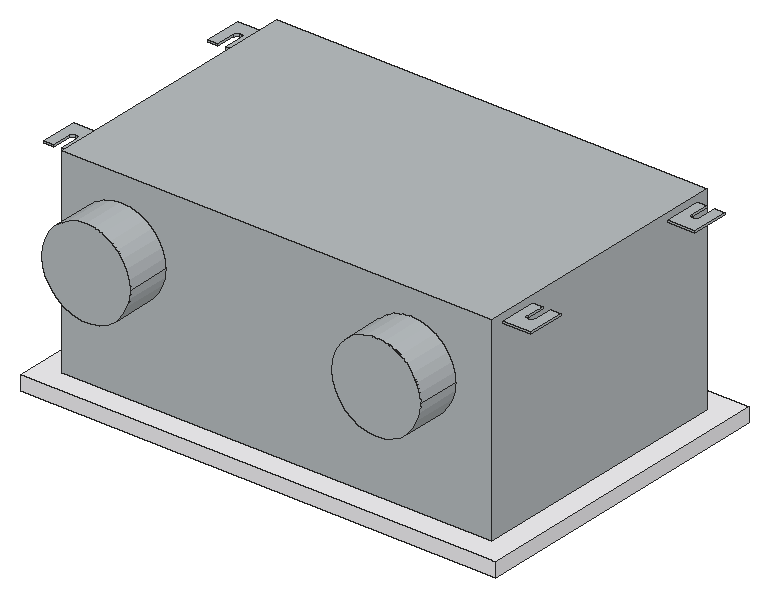
Revit family "sku-25_65ac_50Hz", category 機械設備, Revit 2019
Family settings
  丸型コネクタ寸法 = 直径を使用
  パーツ タイプ = 標準
  OmniClass 番号 = 23.75.10.34.21
  OmniClass タイトル = Heat Exchangers for Ventilation Air
  作業面ベース = いいえ
  常に垂直 = はい
  ロード時にボイドで切り取り = いいえ
  共有 = いいえ
  部屋計算ポイント = はい
Parameters (values of type "SKU-25AC")
  騒音レベル(dB(A)) = 33
  風量 = 250.0 m³/h
  面風速 = 3.93 m/s
  電源種別 [instance] = "一般"
  電圧 = 100 V
  電動機出力 = 0 W
  集中コントローラ = ""
  運転質量 = 0.00 kg
  連動 [instance] = ""
  質量 = if(製品質量 > 運転質量, 製品質量, 運転質量) * 1.2  # 16.80 kg
  負荷分類 = 3_ファン類
  説明 = "店舗用ロスナイ 全カセット形"
  設計風量 = 0.0 m³/h
  設置方法 = "カセット形"
  記号 [instance] = ""
  製造元 = "三菱電機株式会社"
  製品質量 = 14.00 kg
  製品出荷対象 = "国内"
  製品リリース年月 = "2003/5/1"
  製品グループ = ""
  系統 [instance] = ""
  符号 = "HEU"
  積算_科目 = "1 空気調和設備"
  積算_拾い区分 [instance] = ""
  相 = 1
  盤記号 [instance] = ""
  発停方法 [instance] = "別売スイッチ"
  特殊仕様 [instance] = ""
  火災停止 [instance] = ""
  温度交換効率 = 58.00%
  消費電力 = 83 W
  法定耐用年数 = "15"
  機外静圧_排気 = 0.0 Pa
  機外静圧 = 0.0 Pa
  構成部品 = "パネル"
  極数 = 2
  材質 [instance] = ""
  本体マテリアル = 溶融亜鉛めっき鋼板
  操作・制御方式 = ""
  操作・制御スイッチ = ""
  排気量 = 0.0 m³/h
  形式 = "カセット形"
  幹線記号 [instance] = ""
  対象室 [instance] = ""
  実風量 = 0.0 m³/h
  始動方式 [instance] = "直入"
  天吊金具_径 = 6.5 mm
  天吊金具_幅 = 30 mm
  外気量 = 0.0 m³/h
  呼称 = "全熱交換ユニット"
  周波数 = 50 Hz
  天吊金具ピッチ2 = 330 mm
  天吊金具ピッチ1 = 736 mm
  天吊金具_高さ = 10 mm
  参照している仕様書等のバージョン = ""
  初期抵抗 = 0.0 Pa
  分類コード = "50052504100080"
  分類グループ = ""
  価格 = 136000
  企業コード = "108420"
  付属品_フィルター_還気 = ""
  付属品_フィルター = ""
  付属品 [instance] = ""
  仕様書バージョン = "Version1.0"
  モデル = "SKU-25AC"
  パネルマテリアル = 樹脂成形
  コメント [instance] = ""
  Keynote = ""
  エンタルピ交換効率_暖房 = 44.00%
  エンタルピ交換効率_冷房 = 38.00%
  Assembly Code = ""
  Width = 690 mm
  Version = ""
  Uniclass2015Version = "Systems v1.9"
  Uniclass2015Title = "Thermal wheels"
  Uniclass2015Code = "Pr_60_60_36_88"
  URL = "https://www.mitsubishielectric.co.jp/ldg/wink/ssl/displayProduct.do?pid=42639"
  SpecificationReference = ""
  SpecificationDescription = ""
  Duct_W = 130 mm
  SAサイズ_D = 0 mm
  Revision = ""
  RAサイズ_D = 0 mm
  ProductInformation = ""
  OmniClassCode = "23-27 23 19 11"
  OAサイズ_W = 0 mm
  OAサイズ_D = 142 mm
  MIN風量 = 160.0 m³/h
  MIN静圧 = 0.0 Pa
  MAX風量 = 250.0 m³/h
  MAX静圧 = 0.0 Pa
  IfcTypeProduct = ""
  IfcProduct = ""
  IfcExportType = "ROTARYWHEEL"
  IfcExportAs = "IfcAirToAirHeatRecoveryType"
  Height = 318 mm
  EAサイズ_W = 0 mm
  EAサイズ_D = 142 mm
  Duct_Pitch = 465 mm
  Duct_Height = 111 mm
  Duct_Depth = 70 mm
  Depth = 430 mm
  Panel_Width = 763 mm
  Panel_Height = 23 mm
  Panel_Depth = 506 mm
  Author = "三菱電機株式会社"
Types (4, lengths in mm): name | 騒音レベル(dB(A)) | 風量 | 面風速 | 質量 | 製品質量 | 温度交換効率 | 消費電力 | 天吊金具ピッチ2 | 天吊金具ピッチ1 | 価格 | モデル | エンタルピ交換効率_暖房 | エンタルピ交換効率_冷房 | Width | URL | Duct_W | OAサイズ_D | MIN風量 | MAX風量 | Height | EAサイズ_D | Duct_Pitch | Duct_Height | Duct_Depth | Depth | Panel_Width | Panel_Depth
  SKU-25AC | 33 | 250.0 m³/h | 3.93 m/s | 16.80 kg | 14.00 kg | 58.00% | 83 W | 330 | 736 | 136000 | "SKU-25AC" | 44.00% | 38.00% | 690 | "https://www.mitsubishielectric.co.jp/ldg/wink/ssl/displayProduct.do?pid=42639" | 130 | 142 | 160.0 m³/h | 250.0 m³/h | 318 | 142 | 465 | 111 | 70 | 430 | 763 | 506
  SKU-35AC | 38 | 350.0 m³/h | 5.5 m/s | 17.40 kg | 14.50 kg | 51.00% | 110 W | 330 | 736 | 156000 | "SKU-35AC" | 37.00% | 31.00% | 690 | "https://www.mitsubishielectric.co.jp/ldg/wink/ssl/displayProduct.do?pid=42640" | 130 | 142 | 210.0 m³/h | 350.0 m³/h | 318 | 142 | 465 | 111 | 70 | 430 | 763 | 506
  SKU-50AC | 39 | 500.0 m³/h | 4.42 m/s | 29.40 kg | 24.50 kg | 56.00% | 163 W | 420 | 926 | 201000 | "SKU-50AC" | 43.00% | 36.00% | 880 | "https://www.mitsubishielectric.co.jp/ldg/wink/ssl/displayProduct.do?pid=42641" | 139 | 192 | 320.0 m³/h | 500.0 m³/h | 390 | 192 | 600 | 142 | 85 | 520 | 955 | 596
  SKU-65AC | 42 | 650.0 m³/h | 5.75 m/s | 29.40 kg | 24.50 kg | 53.00% | 209 W | 420 | 926 | 228000 | "SKU-65AC" | 39.00% | 33.00% | 880 | "https://www.mitsubishielectric.co.jp/ldg/wink/ssl/displayProduct.do?pid=42642" | 139 | 192 | 410.0 m³/h | 650.0 m³/h | 390 | 192 | 600 | 142 | 85 | 520 | 955 | 596
Reference planes
  plane 1 "中心(正面/背面)": y = 0
  plane 2: z = 0
  plane 3 "中心(左/右)": x = 0
  plane 4: x = -345
  plane 5: x = 345
  plane 6: y = 215
  plane 7: y = -215
  plane 8: z = 207
  plane 9: x = -250
  plane 10: x = 215
  plane 11: y = -285
  plane 12: x = -368
  plane 13: x = 368
  plane 14: y = 165
  plane 15: y = -165
  plane 16: y = 195
  plane 17: y = 135
  plane 18: y = -135
  plane 19: y = -195
  plane 20: z = 308
  plane 21: z = 305
  plane 22: x = -381.5
  plane 23: y = 253
  plane 24: y = -253
  plane 25: x = 381.5
  plane 26: z = -23
  plane 27: x = -390.5
  plane 28: x = 390.5
  plane 29: z = 318
Forms (mm)
  Extrusion 1, solid, material "溶融亜鉛めっき鋼板" <- "本体マテリアル", detail levels fine
    sketch origin (0, 0, 0) x (1, 0, 0) y (0, 1, 0)
      loop
        line (-345, 215) -> (-345, -215) -> (345, -215) -> (345, 215) -> (-345, 215)
    from 318 to 0
  Extrusion 2, solid, material "溶融亜鉛めっき鋼板" <- "本体マテリアル", detail levels fine
    sketch origin (510, -445, 0) x (-1, 0, 0) y (0, 0, -1)
      loop
        circle (295, -207) r 71
    from -230 to -160
  Extrusion 3, solid, material "溶融亜鉛めっき鋼板" <- "本体マテリアル", detail levels fine
    sketch origin (-510, -445, 0) x (1, 0, 0) y (0, 0, 1)
      loop
        circle (260, 207) r 71
    from -230 to -160
  Extrusion 4, solid, material "樹脂成形" <- "パネルマテリアル"
    sketch origin (0, 0, 0) x (1, 0, 0) y (0, 1, 0)
      loop
        line (-381.5, 253) -> (-381.5, -253) -> (381.5, -253) -> (381.5, 253) -> (-381.5, 253)
    from -23 to 0
  Extrusion 5, solid, material "溶融亜鉛めっき鋼板"
    sketch origin (0, 0, 0) x (1, 0, 0) y (0, 1, 0)
      loop
        line (-345, 195) -> (-390.5, 195) -> (-390.5, 135) -> (-374.5, 135) -> (-374.5, 165)
        arc (-374.5, 165) -> (-368, 171.5) -> (-361.5, 165) r 6.5
        line (-361.5, 165) -> (-361.5, 135) -> (-345, 135) -> (-345, 195)
    from 305 to 308
  Extrusion 6, solid, material "溶融亜鉛めっき鋼板"
    sketch origin (0, 0, 0) x (1, 0, 0) y (0, 1, 0)
      loop
        line (-345, -135) -> (-390.5, -135) -> (-390.5, -195) -> (-374.5, -195) -> (-374.5, -165)
        arc (-374.5, -165) -> (-368, -158.5) -> (-361.5, -165) r 6.5
        line (-361.5, -165) -> (-361.5, -195) -> (-345, -195) -> (-345, -135)
    from 305 to 308
  Extrusion 7, solid, material "溶融亜鉛めっき鋼板"
    sketch origin (0, 0, 0) x (-1, 0, 0) y (0, -1, 0)
      loop
        line (-345, 195) -> (-390.5, 195) -> (-390.5, 135) -> (-374.5, 135) -> (-374.5, 165)
        arc (-374.5, 165) -> (-368, 171.5) -> (-361.5, 165) r 6.5
        line (-361.5, 165) -> (-361.5, 135) -> (-345, 135) -> (-345, 195)
    from 305 to 308
  Extrusion 8, solid, material "溶融亜鉛めっき鋼板"
    sketch origin (0, 420, 0) x (-1, 0, 0) y (0, -1, 0)
      loop
        line (-345, 285) -> (-390.5, 285) -> (-390.5, 225) -> (-374.5, 225) -> (-374.5, 255)
        arc (-374.5, 255) -> (-368, 261.5) -> (-361.5, 255) r 6.5
        line (-361.5, 255) -> (-361.5, 225) -> (-345, 225) -> (-345, 285)
    from 305 to 308
Lines and regions (mm)
  Masking region 1, detail levels coarse+medium
    outline origin (1326.5, 29, 0) x (1, 0, 0) y (0, 1, 0)
      loop
        line (-1671.5, 186) -> (-1671.5, -244) -> (-981.5, -244) -> (-981.5, 186) -> (-1671.5, 186)
  symbolic lines, detail levels coarse+medium
    curve 1: line (0, 215, 0) -> (-345, 0, 0)
    curve 2: line (-345, 0, 0) -> (0, -215, 0)
    curve 3: line (0, -215, 0) -> (345, 0, 0)
    curve 4: line (345, 0, 0) -> (0, 215, 0)
Dimensions and locks
  equal spacing: plane 4, plane 3 "中心(左/右)", plane 5
  "Width": plane 4 to plane 5
  equal spacing: plane 6, plane 1 "中心(正面/背面)", plane 7
  "Depth": plane 6 to plane 7
  "Duct_Pitch": plane 10 to plane 9
  "Duct_Depth": plane 7 to plane 11
  equal spacing: plane 12, plane 3 "中心(左/右)", plane 13
  "天吊金具ピッチ1": plane 12 to plane 13
  equal spacing: plane 14, plane 1 "中心(正面/背面)", plane 15
  "天吊金具ピッチ2": plane 14 to plane 15
  equal spacing: plane 16, plane 14, plane 17
  locked: plane 20 to plane 21 at 3
  equal spacing: plane 23, plane 1 "中心(正面/背面)", plane 24
  "Panel_Depth": plane 23 to plane 24
  "Panel_Width": plane 22 to plane 25
  "Duct_W": plane 5 to plane 10
  equal spacing: plane 18, plane 15, plane 19
  "天吊金具_幅": plane 15 to plane 19
  "天吊金具_幅": plane 14 to plane 17
  locked: plane 27 to plane 12 at 22.5
  locked: plane 13 to plane 28 at 22.5
  "Height": plane 29 to level
  "天吊金具_高さ": plane 29 to plane 20
  "Duct_Height": plane 29 to plane 8
  "Panel_Height": level to plane 26
  equal spacing: plane 22, plane 3 "中心(左/右)", plane 25
  "EAサイズ_D": diameter of Extrusion 3 sketch curve
  "天吊金具_径": radius of Extrusion 5 sketch curve
  "天吊金具_径": radius of Extrusion 6 sketch curve
  "天吊金具_径": radius of Extrusion 7 sketch curve
  "天吊金具_径": radius of Extrusion 8 sketch curve
  "OAサイズ_D": diameter of Extrusion 2 sketch curve
  aligned and locked: level to plane 2
  aligned and locked: plane 7 to Extrusion 2
  aligned and locked: Extrusion 2 to plane 11
  aligned and locked: Masking region 1 to plane 4
  aligned and locked: plane 5 to Masking region 1
  aligned and locked: plane 6 to Masking region 1
  aligned and locked: Masking region 1 to plane 7
  aligned and locked: plane 13 to nested 1
  aligned and locked: plane 12 to nested 1
  aligned and locked: nested 1 to plane 15
  aligned and locked: plane 14 to nested 1
  aligned and locked: Extrusion 3 to plane 11
  aligned and locked: plane 7 to Extrusion 3
  aligned and locked: Extrusion 4 sketch curve to plane 23
  aligned and locked: plane 22 to Extrusion 4 sketch curve
  aligned and locked: plane 24 to Extrusion 4 sketch curve
  aligned and locked: Extrusion 4 sketch curve to plane 25
  aligned and locked: Extrusion 4 to plane 26
  aligned and locked: plane 4 to Extrusion 5 sketch curve
  aligned and locked: plane 16 to Extrusion 5 sketch curve
  aligned and locked: Extrusion 5 sketch curve to plane 27
  aligned and locked: Extrusion 5 sketch curve to plane 17  (x2)
  aligned and locked: plane 18 to Extrusion 6 sketch curve
  aligned and locked: plane 4 to Extrusion 6 sketch curve
  aligned and locked: Extrusion 6 sketch curve to plane 27
  aligned and locked: Extrusion 6 sketch curve to plane 19  (x2)
  aligned and locked: Extrusion 7 sketch curve to plane 19
  aligned and locked: Extrusion 7 sketch curve to plane 5
  aligned and locked: Extrusion 7 sketch curve to plane 28
  aligned and locked: Extrusion 8 sketch curve to plane 28
  aligned and locked: Extrusion 8 sketch curve to plane 17
  aligned and locked: Extrusion 8 sketch curve to plane 5
  aligned and locked: plane 16 to Extrusion 8 sketch curve  (x2)
  aligned and locked: Extrusion 6 to plane 21
  aligned and locked: plane 20 to Extrusion 6
  aligned and locked: Extrusion 5 to plane 21
  aligned and locked: plane 20 to Extrusion 5
  aligned and locked: Extrusion 7 to plane 21
  aligned and locked: plane 20 to Extrusion 7
  aligned and locked: Extrusion 8 to plane 21
  aligned and locked: plane 20 to Extrusion 8
  aligned and locked: Extrusion 1 to plane 29
  aligned and locked: Extrusion 1 to level
  aligned and locked: level to Extrusion 4
Automatic sketch dimensions
  plane 1 "中心(正面/背面)" to curve 1 = 0 mm
  curve 1 to plane 4 = 0 mm
  curve 2 to plane 3 "中心(左/右)" = 0 mm
  curve 4 to plane 3 "中心(左/右)" = 0 mm
  plane 1 "中心(正面/背面)" to curve 4 = 0 mm
  curve 4 to plane 5 = 0 mm
  curve 2 to plane 7 = 0 mm
  curve 4 to plane 6 = 0 mm
  Extrusion 1 sketch curve to plane 4 = 0 mm
  Extrusion 1 sketch curve to plane 5 = 0 mm
  Extrusion 1 sketch curve to plane 7 = 0 mm
  Extrusion 1 sketch curve to plane 6 = 0 mm
  Extrusion 2 sketch curve to plane 8 = 0 mm
  Extrusion 2 sketch curve to plane 10 = 0 mm
  Masking region 1 sketch curve to plane 4 = 0 mm
  Masking region 1 sketch curve to plane 5 = 0 mm
  Masking region 1 sketch curve to plane 7 = 0 mm
  Masking region 1 sketch curve to plane 6 = 0 mm
  Extrusion 5 sketch curve to plane 14 = 0 mm
  Extrusion 5 sketch curve to plane 12 = 0 mm
  Extrusion 6 sketch curve to plane 15 = 0 mm
  Extrusion 6 sketch curve to plane 12 = 0 mm
  Extrusion 7 sketch curve to plane 18 = 0 mm  (x2)
  Extrusion 7 sketch curve to plane 15 = 0 mm
  Extrusion 7 sketch curve to plane 13 = 0 mm
  Extrusion 8 sketch curve to plane 14 = 0 mm
  Extrusion 8 sketch curve to plane 13 = 0 mm
  Extrusion 3 sketch curve to plane 8 = 0 mm
  Extrusion 3 sketch curve to plane 9 = 0 mm
Nested families
  nested 1: "固定点" at (-368, -165, 0), type "固定点"
    with W 736 mm, D 330 mm
Connectors
  hvac at (215, -285, 207), driven by "OAサイズ_D", driven by "機外静圧", driven by "風量"
    settings: on Extrusion 2, index 2, duct flow 250.0 m³/h, flow factor 0, pres drop 0.0 Pa, loss coef 0, conn angle 0.00°, conn width 304.8 mm, conn height 304.8 mm, conn diameter 142 mm, duct sys type 4, conn prof type 0, flow config 0, flow direction 1, loss method 4, conn ref index -1, conn util no, is conn primary no, conn desc ""
  hvac at (-250, -285, 207), driven by "EAサイズ_D", driven by "風量", driven by "機外静圧"
    settings: on Extrusion 3, index 10, duct flow 250.0 m³/h, flow factor 0, pres drop 0.0 Pa, loss coef 0, conn angle 0.00°, conn width 304.8 mm, conn height 304.8 mm, conn diameter 142 mm, duct sys type 3, conn prof type 0, flow config 0, flow direction 2, loss method 4, conn ref index -1, conn util no, is conn primary yes, conn desc ""
  electrical at (0, 0, 318), driven by "極数", driven by "負荷分類", driven by "電圧", driven by "消費電力"
    settings: on Extrusion 1, index 11, voltage 100 V, apparent load 83 VA, apparent load phase1 0 VA, apparent load phase2 0 VA, apparent load phase3 0 VA, power factor 1, load classification "3_ファン類", number of poles 2, system type 30, power factor state 1, is connector primary yes, connector utility no, sub classification motor no, connector description ""
Definition of nested family "固定点"
  Parameters (values of type "固定点")
    中心円 = 20 mm
    W [instance] = 1000 mm
    D [instance] = 1000 mm
  Reference planes
    plane 1 "中心(正面/背面)": y = 0
    plane 2: z = 0
    plane 3 "中心(左/右)": x = 0
    plane 4: x = 1000
    plane 5: y = 1000
  Lines and regions (mm)
    symbolic lines, detail levels fine
      curve 1: circle (0, 1000, 0) r 10 normal (0, 0, 1)
      curve 2: circle (0, 0, 0) r 10 normal (0, 0, 1)
      curve 3: circle (1000, 1000, 0) r 10 normal (0, 0, 1)
      curve 4: circle (1000, 0, 0) r 10 normal (0, 0, 1)
      curve 5: line (-200, 1000, 0) -> (1200, 1000, 0)
      curve 6: line (-200, 0, 0) -> (1200, 0, 0)
      curve 7: line (0, 1200, 0) -> (0, -200, 0)
      curve 8: line (1000, 1200, 0) -> (1000, -200, 0)
  Dimensions and locks
    "W": plane 3 "中心(左/右)" to plane 4
    "D": plane 1 "中心(正面/背面)" to plane 5
    "中心円": diameter of curve 1
    "中心円": diameter of curve 2
    "中心円": diameter of curve 3
    "中心円": diameter of curve 4
    aligned and locked: level to plane 2
    aligned and locked: plane 5 to curve 1
    aligned and locked: plane 3 "中心(左/右)" to curve 1
    aligned and locked: plane 3 "中心(左/右)" to curve 2
    aligned and locked: plane 1 "中心(正面/背面)" to curve 2
    aligned and locked: plane 4 to curve 3
    aligned and locked: plane 5 to curve 3
    aligned and locked: plane 1 "中心(正面/背面)" to curve 4
    aligned and locked: plane 4 to curve 4
    aligned and locked: plane 1 "中心(正面/背面)" to curve 6
    aligned and locked: curve 7 to plane 3 "中心(左/右)"
    aligned and locked: curve 8 to plane 4
  Automatic sketch dimensions
    curve 5 to plane 5 = 0 mm
    curve 6 to plane 3 "中心(左/右)" = 200 mm
    curve 5 to plane 3 "中心(左/右)" = 200 mm
    curve 4 to curve 6 = 200 mm
    curve 3 to curve 5 = 200 mm
    plane 1 "中心(正面/背面)" to curve 8 = 200 mm
    plane 1 "中心(正面/背面)" to curve 7 = 200 mm
    curve 3 to curve 8 = 200 mm
    curve 1 to curve 7 = 200 mm
